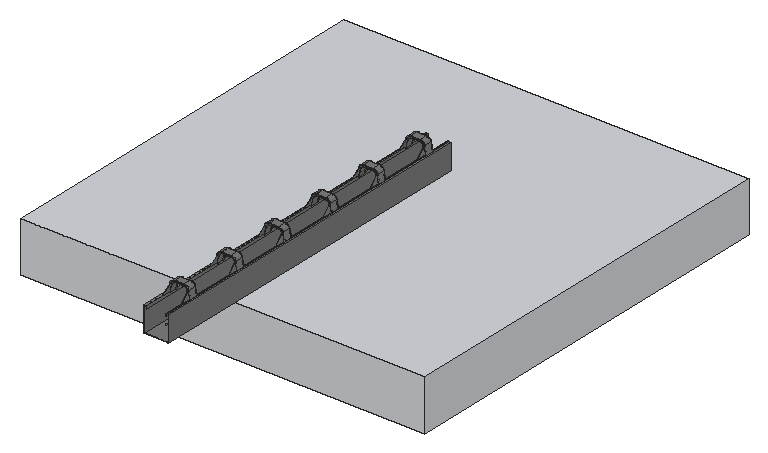
Revit family
Parameters (values of type "RS-CNL")
  Weight = 24.00 lbf
  U/M = "EA"
  U Space = "N/A"
  System = "Racks, Cable Mgt & RouteIT"
  Serial Number = "RS-CNL"
  Segment = "CSS"
  Ports = "0"
  Model = "CABLE RACK"
  Metal = none
  Manufacturer = "SIEMON"
  Loaded/Empty = "N/A"
  Item Group = "RACKS"
  Item Class = "1A"
  Description = "RS RACK VERTICAL CABLE MANAGER 6IN DEEP,W/6 RS-CNL-MGRS,BLACK"
  Default Elevation = 4' - 0"
  Color = "Black"
Reference planes (in)
  plane 1 "Center (Front/Back)": y = 0
  plane 2: z = 0
  plane 3 "Center (Left/Right)": x = 0
Forms (in)
  Extrusion 1, solid
    sketch origin (0, 0, 0) x (1, 0, 0) y (0, 1, 0)
      loop
        line (-48, 48) -> (-48, -48) -> (48, -48) -> (48, 48) -> (-48, 48)
    from 0 to -12
Dimensions and locks (in)
  aligned and locked: plane 2 to Extrusion 1
  aligned and locked: level to Extrusion 1
Nested families (in)
  nested 1: "RS-CNL[1]" at (0, -30.82735, 3.01181), type "RS-CNL[1]"
Definition of nested family "RS-CNL[1]"
  Parameters (values of type "RS-CNL[1]")
    Weight = "10.9 kgs (24 lbs)"
    UL Rating = "UL 1863"
    Text = text
    Part Number = "RS-CNL"
    Material = Aluminum w/plastic retainers
    Manufacturer Contact Info / Website = "www.siemon.com"
    Manufacturer = "Siemon"
    Dimensions (H x W x D) = "2.1m x 152m x 225mm\r\n(7.0 ft. x 6.0 in. x 8.85 in.)"
    Description = "6\" Vertical Cable Manager"
    Clearance = "152mm (6.0 in.) Front"
    Assembly Code = ""
  Reference planes (in)
    plane 1 "Center (Front/Back)": z = 0
    plane 2: z = -3.01181
    plane 3 "Center (Left/Right)": x = 0
  Forms (in)
    Extrusion 1, solid, material "Aluminum w/plastic retainers" <- "Material"
      sketch origin (0, -36.75, 0) x (1, 0, 0) y (0, 0, -1)
        loop
          line (-2.9, -2.9) -> (-2.9, 2.9) -> (2.9, 2.9) -> (2.9, -2.9) -> (2.4, -2.9) -> (2.4, -2.5) -> (2.3, -2.5) -> (2.3, -3) -> (3, -3) -> (3, 3) -> (-3, 3) -> (-3, -3) -> (-2.3, -3) -> (-2.3, -2.5) -> (-2.4, -2.5) -> (-2.4, -2.9) -> (-2.9, -2.9)
      from 0 to 83.5
    Extrusion 2, void
      sketch origin (0, 0, 0) x (1, 0, 0) y (0, 1, 0)
        loop
          arc (-1.375, 30.825) -> (-1.5, 30.95) -> (-1.625, 30.825) r 0.125
          line (-1.625, 30.825) -> (-1.625, 30.61651)
          arc (-1.625, 30.61651) -> (-1.5, 30.15) -> (-1.375, 30.61651) r 0.25
          line (-1.375, 30.61651) -> (-1.375, 30.825)
        loop
          arc (1.625, 30.825) -> (1.5, 30.95) -> (1.375, 30.825) r 0.125
          line (1.375, 30.825) -> (1.375, 30.61651)
          arc (1.375, 30.61651) -> (1.5, 30.15) -> (1.625, 30.61651) r 0.25
          line (1.625, 30.61651) -> (1.625, 30.825)
        loop
          arc (-1.375, -31.325) -> (-1.5, -31.2) -> (-1.625, -31.325) r 0.125
          line (-1.625, -31.325) -> (-1.625, -31.53349)
          arc (-1.625, -31.53349) -> (-1.5, -32) -> (-1.375, -31.53349) r 0.25
          line (-1.375, -31.53349) -> (-1.375, -31.325)
        loop
          arc (1.625, -31.325) -> (1.5, -31.2) -> (1.375, -31.325) r 0.125
          line (1.375, -31.325) -> (1.375, -31.53349)
          arc (1.375, -31.53349) -> (1.5, -32) -> (1.625, -31.53349) r 0.25
          line (1.625, -31.53349) -> (1.625, -31.325)
        loop
          circle (0, -23) r 0.995
        loop
          circle (0, -9) r 0.995
        loop
          circle (0, 5) r 0.995
        loop
          circle (0, 19) r 0.995
        loop
          circle (0, 33) r 0.995
      from -3 to -2.7875
    Sweep 3, solid, material "Aluminum w/plastic retainers" <- "Material"
      path origin (0, -36.75, 0) x (1, 0, 0) y (0, 0, -1)
        loop
          line (2.175, -2.975) -> (1.84346, -4.85524)
          arc (1.84346, -4.85524) -> (1.58695, -5.29953) -> (1.10486, -5.475) r 0.75
          line (1.10486, -5.475) -> (-1.10486, -5.475)
          arc (-1.10486, -5.475) -> (-1.58695, -5.29953) -> (-1.84346, -4.85524) r 0.75
          line (-1.84346, -4.85524) -> (-2.175, -2.975)
      profile origin (0, -36.75, 5.475) x (0, 0, 1) y (0, 1, 0)
        loop
          line (0.375, 8.57082) -> (0.375, 8.65)
          arc (0.375, 8.65) -> (0.35303, 8.70303) -> (0.3, 8.725) r 0.075
          line (0.3, 8.725) -> (0.2, 8.725)
          arc (0.2, 8.725) -> (0.05858, 8.66642) -> (0, 8.525) r 0.2
          line (0, 8.525) -> (0, 6.925)
          arc (0, 6.925) -> (0.05858, 6.78358) -> (0.2, 6.725) r 0.2
          line (0.2, 6.725) -> (0.325, 6.725)
          arc (0.325, 6.725) -> (0.36036, 6.73964) -> (0.375, 6.775) r 0.05
          line (0.375, 6.775) -> (0.375, 8.57082)
    Extrusion 4, solid, material "Aluminum w/plastic retainers" <- "Material"
      sketch origin (2.83506, -36.75, -0.03606) x (0.173648, 0, -0.984808) y (0, 1, 0)
        loop
          line (-4.65717, 6.46484) -> (-3.23172, 4.78025)
          arc (-3.23172, 4.78025) -> (-3.21297, 4.77529) -> (-3.20186, 4.79119) r 0.01693
          line (-3.20186, 4.79119) -> (-3.20186, 6.64024)
          arc (-3.20186, 6.64024) -> (-3.22668, 6.70018) -> (-3.28662, 6.725) r 0.08476
          line (-3.28662, 6.725) -> (-5.18692, 6.725)
          arc (-5.18692, 6.725) -> (-4.89486, 6.65027) -> (-4.65717, 6.46484) r 0.73689
      from 0 to 0.12283
    Extrusion 5, solid, material "Aluminum w/plastic retainers" <- "Material"
      sketch origin (-2.83506, -36.75, -0.03606) x (-0.173648, 0, -0.984808) y (0, -1, 0)
        loop
          arc (-4.65717, -6.46484) -> (-4.89486, -6.65027) -> (-5.18692, -6.725) r 0.73689
          line (-5.18692, -6.725) -> (-3.28662, -6.725)
          arc (-3.28662, -6.725) -> (-3.22668, -6.70018) -> (-3.20186, -6.64024) r 0.08476
          line (-3.20186, -6.64024) -> (-3.20186, -4.79119)
          arc (-3.20186, -4.79119) -> (-3.21297, -4.77529) -> (-3.23172, -4.78025) r 0.01693
          line (-3.23172, -4.78025) -> (-4.65717, -6.46484)
      from 0 to 0.12283
    Sweep 6, solid, material "Aluminum w/plastic retainers" <- "Material"
      path origin (0, -22.75, 0) x (1, 0, 0) y (0, 0, -1)
        loop
          line (2.175, -2.975) -> (1.84346, -4.85524)
          arc (1.84346, -4.85524) -> (1.58695, -5.29953) -> (1.10486, -5.475) r 0.75
          line (1.10486, -5.475) -> (-1.10486, -5.475)
          arc (-1.10486, -5.475) -> (-1.58695, -5.29953) -> (-1.84346, -4.85524) r 0.75
          line (-1.84346, -4.85524) -> (-2.175, -2.975)
      profile origin (0, -22.75, 5.475) x (0, 0, 1) y (0, 1, 0)
        loop
          line (0.375, 8.57082) -> (0.375, 8.65)
          arc (0.375, 8.65) -> (0.35303, 8.70303) -> (0.3, 8.725) r 0.075
          line (0.3, 8.725) -> (0.2, 8.725)
          arc (0.2, 8.725) -> (0.05858, 8.66642) -> (0, 8.525) r 0.2
          line (0, 8.525) -> (0, 6.925)
          arc (0, 6.925) -> (0.05858, 6.78358) -> (0.2, 6.725) r 0.2
          line (0.2, 6.725) -> (0.325, 6.725)
          arc (0.325, 6.725) -> (0.36036, 6.73964) -> (0.375, 6.775) r 0.05
          line (0.375, 6.775) -> (0.375, 8.57082)
    Extrusion 7, solid, material "Aluminum w/plastic retainers" <- "Material"
      sketch origin (2.83506, -22.75, -0.03606) x (0.173648, 0, -0.984808) y (0, 1, 0)
        loop
          line (-4.65717, 6.46484) -> (-3.23172, 4.78025)
          arc (-3.23172, 4.78025) -> (-3.21297, 4.77529) -> (-3.20186, 4.79119) r 0.01693
          line (-3.20186, 4.79119) -> (-3.20186, 6.64024)
          arc (-3.20186, 6.64024) -> (-3.22668, 6.70018) -> (-3.28662, 6.725) r 0.08476
          line (-3.28662, 6.725) -> (-5.18692, 6.725)
          arc (-5.18692, 6.725) -> (-4.89486, 6.65027) -> (-4.65717, 6.46484) r 0.73689
      from 0 to 0.12283
    Extrusion 8, solid, material "Aluminum w/plastic retainers" <- "Material"
      sketch origin (-2.83506, -22.75, -0.03606) x (-0.173648, 0, -0.984808) y (0, -1, 0)
        loop
          arc (-4.65717, -6.46484) -> (-4.89486, -6.65027) -> (-5.18692, -6.725) r 0.73689
          line (-5.18692, -6.725) -> (-3.28662, -6.725)
          arc (-3.28662, -6.725) -> (-3.22668, -6.70018) -> (-3.20186, -6.64024) r 0.08476
          line (-3.20186, -6.64024) -> (-3.20186, -4.79119)
          arc (-3.20186, -4.79119) -> (-3.21297, -4.77529) -> (-3.23172, -4.78025) r 0.01693
          line (-3.23172, -4.78025) -> (-4.65717, -6.46484)
      from 0 to 0.12283
    Sweep 9, solid, material "Aluminum w/plastic retainers" <- "Material"
      path origin (0, -8.75, 0) x (1, 0, 0) y (0, 0, -1)
        loop
          line (2.175, -2.975) -> (1.84346, -4.85524)
          arc (1.84346, -4.85524) -> (1.58695, -5.29953) -> (1.10486, -5.475) r 0.75
          line (1.10486, -5.475) -> (-1.10486, -5.475)
          arc (-1.10486, -5.475) -> (-1.58695, -5.29953) -> (-1.84346, -4.85524) r 0.75
          line (-1.84346, -4.85524) -> (-2.175, -2.975)
      profile origin (0, -8.75, 5.475) x (0, 0, 1) y (0, 1, 0)
        loop
          line (0.375, 8.57082) -> (0.375, 8.65)
          arc (0.375, 8.65) -> (0.35303, 8.70303) -> (0.3, 8.725) r 0.075
          line (0.3, 8.725) -> (0.2, 8.725)
          arc (0.2, 8.725) -> (0.05858, 8.66642) -> (0, 8.525) r 0.2
          line (0, 8.525) -> (0, 6.925)
          arc (0, 6.925) -> (0.05858, 6.78358) -> (0.2, 6.725) r 0.2
          line (0.2, 6.725) -> (0.325, 6.725)
          arc (0.325, 6.725) -> (0.36036, 6.73964) -> (0.375, 6.775) r 0.05
          line (0.375, 6.775) -> (0.375, 8.57082)
    Extrusion 10, solid, material "Aluminum w/plastic retainers" <- "Material"
      sketch origin (2.83506, -8.75, -0.03606) x (0.173648, 0, -0.984808) y (0, 1, 0)
        loop
          line (-4.65717, 6.46484) -> (-3.23172, 4.78025)
          arc (-3.23172, 4.78025) -> (-3.21297, 4.77529) -> (-3.20186, 4.79119) r 0.01693
          line (-3.20186, 4.79119) -> (-3.20186, 6.64024)
          arc (-3.20186, 6.64024) -> (-3.22668, 6.70018) -> (-3.28662, 6.725) r 0.08476
          line (-3.28662, 6.725) -> (-5.18692, 6.725)
          arc (-5.18692, 6.725) -> (-4.89486, 6.65027) -> (-4.65717, 6.46484) r 0.73689
      from 0 to 0.12283
    Extrusion 11, solid, material "Aluminum w/plastic retainers" <- "Material"
      sketch origin (-2.83506, -8.75, -0.03606) x (-0.173648, 0, -0.984808) y (0, -1, 0)
        loop
          arc (-4.65717, -6.46484) -> (-4.89486, -6.65027) -> (-5.18692, -6.725) r 0.73689
          line (-5.18692, -6.725) -> (-3.28662, -6.725)
          arc (-3.28662, -6.725) -> (-3.22668, -6.70018) -> (-3.20186, -6.64024) r 0.08476
          line (-3.20186, -6.64024) -> (-3.20186, -4.79119)
          arc (-3.20186, -4.79119) -> (-3.21297, -4.77529) -> (-3.23172, -4.78025) r 0.01693
          line (-3.23172, -4.78025) -> (-4.65717, -6.46484)
      from 0 to 0.12283
    Sweep 12, solid, material "Aluminum w/plastic retainers" <- "Material"
      path origin (0, 5.25, 0) x (1, 0, 0) y (0, 0, -1)
        loop
          line (2.175, -2.975) -> (1.84346, -4.85524)
          arc (1.84346, -4.85524) -> (1.58695, -5.29953) -> (1.10486, -5.475) r 0.75
          line (1.10486, -5.475) -> (-1.10486, -5.475)
          arc (-1.10486, -5.475) -> (-1.58695, -5.29953) -> (-1.84346, -4.85524) r 0.75
          line (-1.84346, -4.85524) -> (-2.175, -2.975)
      profile origin (0, 5.25, 5.475) x (0, 0, 1) y (0, 1, 0)
        loop
          line (0.375, 8.57082) -> (0.375, 8.65)
          arc (0.375, 8.65) -> (0.35303, 8.70303) -> (0.3, 8.725) r 0.075
          line (0.3, 8.725) -> (0.2, 8.725)
          arc (0.2, 8.725) -> (0.05858, 8.66642) -> (0, 8.525) r 0.2
          line (0, 8.525) -> (0, 6.925)
          arc (0, 6.925) -> (0.05858, 6.78358) -> (0.2, 6.725) r 0.2
          line (0.2, 6.725) -> (0.325, 6.725)
          arc (0.325, 6.725) -> (0.36036, 6.73964) -> (0.375, 6.775) r 0.05
          line (0.375, 6.775) -> (0.375, 8.57082)
    Extrusion 13, solid, material "Aluminum w/plastic retainers" <- "Material"
      sketch origin (2.83506, 5.25, -0.03606) x (0.173648, 0, -0.984808) y (0, 1, 0)
        loop
          line (-4.65717, 6.46484) -> (-3.23172, 4.78025)
          arc (-3.23172, 4.78025) -> (-3.21297, 4.77529) -> (-3.20186, 4.79119) r 0.01693
          line (-3.20186, 4.79119) -> (-3.20186, 6.64024)
          arc (-3.20186, 6.64024) -> (-3.22668, 6.70018) -> (-3.28662, 6.725) r 0.08476
          line (-3.28662, 6.725) -> (-5.18692, 6.725)
          arc (-5.18692, 6.725) -> (-4.89486, 6.65027) -> (-4.65717, 6.46484) r 0.73689
      from 0 to 0.12283
    Extrusion 14, solid, material "Aluminum w/plastic retainers" <- "Material"
      sketch origin (-2.83506, 5.25, -0.03606) x (-0.173648, 0, -0.984808) y (0, -1, 0)
        loop
          arc (-4.65717, -6.46484) -> (-4.89486, -6.65027) -> (-5.18692, -6.725) r 0.73689
          line (-5.18692, -6.725) -> (-3.28662, -6.725)
          arc (-3.28662, -6.725) -> (-3.22668, -6.70018) -> (-3.20186, -6.64024) r 0.08476
          line (-3.20186, -6.64024) -> (-3.20186, -4.79119)
          arc (-3.20186, -4.79119) -> (-3.21297, -4.77529) -> (-3.23172, -4.78025) r 0.01693
          line (-3.23172, -4.78025) -> (-4.65717, -6.46484)
      from 0 to 0.12283
    Sweep 15, solid, material "Aluminum w/plastic retainers" <- "Material"
      path origin (0, 19.25, 0) x (1, 0, 0) y (0, 0, -1)
        loop
          line (2.175, -2.975) -> (1.84346, -4.85524)
          arc (1.84346, -4.85524) -> (1.58695, -5.29953) -> (1.10486, -5.475) r 0.75
          line (1.10486, -5.475) -> (-1.10486, -5.475)
          arc (-1.10486, -5.475) -> (-1.58695, -5.29953) -> (-1.84346, -4.85524) r 0.75
          line (-1.84346, -4.85524) -> (-2.175, -2.975)
      profile origin (0, 19.25, 5.475) x (0, 0, 1) y (0, 1, 0)
        loop
          line (0.375, 6.87918) -> (0.375, 8.65)
          arc (0.375, 8.65) -> (0.35303, 8.70303) -> (0.3, 8.725) r 0.075
          line (0.3, 8.725) -> (0.2, 8.725)
          arc (0.2, 8.725) -> (0.05858, 8.66642) -> (0, 8.525) r 0.2
          line (0, 8.525) -> (0, 6.925)
          arc (0, 6.925) -> (0.05858, 6.78358) -> (0.2, 6.725) r 0.2
          line (0.2, 6.725) -> (0.325, 6.725)
          arc (0.325, 6.725) -> (0.36036, 6.73964) -> (0.375, 6.775) r 0.05
          line (0.375, 6.775) -> (0.375, 6.87918)
    Extrusion 16, solid, material "Aluminum w/plastic retainers" <- "Material"
      sketch origin (2.83506, 19.25, -0.03606) x (0.173648, 0, -0.984808) y (0, 1, 0)
        loop
          line (-4.65717, 6.46484) -> (-3.23172, 4.78025)
          arc (-3.23172, 4.78025) -> (-3.21297, 4.77529) -> (-3.20186, 4.79119) r 0.01693
          line (-3.20186, 4.79119) -> (-3.20186, 6.64024)
          arc (-3.20186, 6.64024) -> (-3.22668, 6.70018) -> (-3.28662, 6.725) r 0.08476
          line (-3.28662, 6.725) -> (-5.18692, 6.725)
          arc (-5.18692, 6.725) -> (-4.89486, 6.65027) -> (-4.65717, 6.46484) r 0.73689
      from 0 to 0.12283
    Extrusion 17, solid, material "Aluminum w/plastic retainers" <- "Material"
      sketch origin (-2.83506, 19.25, -0.03606) x (-0.173648, 0, -0.984808) y (0, -1, 0)
        loop
          arc (-4.65717, -6.46484) -> (-4.89486, -6.65027) -> (-5.18692, -6.725) r 0.73689
          line (-5.18692, -6.725) -> (-3.28662, -6.725)
          arc (-3.28662, -6.725) -> (-3.22668, -6.70018) -> (-3.20186, -6.64024) r 0.08476
          line (-3.20186, -6.64024) -> (-3.20186, -4.79119)
          arc (-3.20186, -4.79119) -> (-3.21297, -4.77529) -> (-3.23172, -4.78025) r 0.01693
          line (-3.23172, -4.78025) -> (-4.65717, -6.46484)
      from 0 to 0.12283
    Sweep 18, solid, material "Aluminum w/plastic retainers" <- "Material"
      path origin (0, 33.25, 0) x (1, 0, 0) y (0, 0, -1)
        loop
          line (2.175, -2.975) -> (1.84346, -4.85524)
          arc (1.84346, -4.85524) -> (1.58695, -5.29953) -> (1.10486, -5.475) r 0.75
          line (1.10486, -5.475) -> (-1.10486, -5.475)
          arc (-1.10486, -5.475) -> (-1.58695, -5.29953) -> (-1.84346, -4.85524) r 0.75
          line (-1.84346, -4.85524) -> (-2.175, -2.975)
      profile origin (0, 33.25, 5.475) x (0, 0, 1) y (0, 1, 0)
        loop
          line (0.375, 6.87918) -> (0.375, 8.65)
          arc (0.375, 8.65) -> (0.35303, 8.70303) -> (0.3, 8.725) r 0.075
          line (0.3, 8.725) -> (0.2, 8.725)
          arc (0.2, 8.725) -> (0.05858, 8.66642) -> (0, 8.525) r 0.2
          line (0, 8.525) -> (0, 6.925)
          arc (0, 6.925) -> (0.05858, 6.78358) -> (0.2, 6.725) r 0.2
          line (0.2, 6.725) -> (0.325, 6.725)
          arc (0.325, 6.725) -> (0.36036, 6.73964) -> (0.375, 6.775) r 0.05
          line (0.375, 6.775) -> (0.375, 6.87918)
    Extrusion 19, solid, material "Aluminum w/plastic retainers" <- "Material"
      sketch origin (2.83506, 33.25, -0.03606) x (0.173648, 0, -0.984808) y (0, 1, 0)
        loop
          line (-4.65717, 6.46484) -> (-3.23172, 4.78025)
          arc (-3.23172, 4.78025) -> (-3.21297, 4.77529) -> (-3.20186, 4.79119) r 0.01693
          line (-3.20186, 4.79119) -> (-3.20186, 6.64024)
          arc (-3.20186, 6.64024) -> (-3.22668, 6.70018) -> (-3.28662, 6.725) r 0.08476
          line (-3.28662, 6.725) -> (-5.18692, 6.725)
          arc (-5.18692, 6.725) -> (-4.89486, 6.65027) -> (-4.65717, 6.46484) r 0.73689
      from 0 to 0.12283
    Extrusion 20, solid, material "Aluminum w/plastic retainers" <- "Material"
      sketch origin (-2.83506, 33.25, -0.03606) x (-0.173648, 0, -0.984808) y (0, -1, 0)
        loop
          arc (-4.65717, -6.46484) -> (-4.89486, -6.65027) -> (-5.18692, -6.725) r 0.73689
          line (-5.18692, -6.725) -> (-3.28662, -6.725)
          arc (-3.28662, -6.725) -> (-3.22668, -6.70018) -> (-3.20186, -6.64024) r 0.08476
          line (-3.20186, -6.64024) -> (-3.20186, -4.79119)
          arc (-3.20186, -4.79119) -> (-3.21297, -4.77529) -> (-3.23172, -4.78025) r 0.01693
          line (-3.23172, -4.78025) -> (-4.65717, -6.46484)
      from 0 to 0.12283
  Cuts and joins
    Extrusion 2 cuts Extrusion 1
    joined: Sweep 3, Extrusion 4
  Lines and regions (in)
    reference lines
      curve 1: line (-1.5126, 48.12623, -3.01181) -> (-1.5126, -43.21235, -3.01181)
      curve 2: line (1.5126, 48.12623, -3.01181) -> (1.5126, -43.21235, -3.01181)
      curve 3: line (-3.89603, 30.82735, -3.01181) -> (3.78113, 30.82735, -3.01181)
